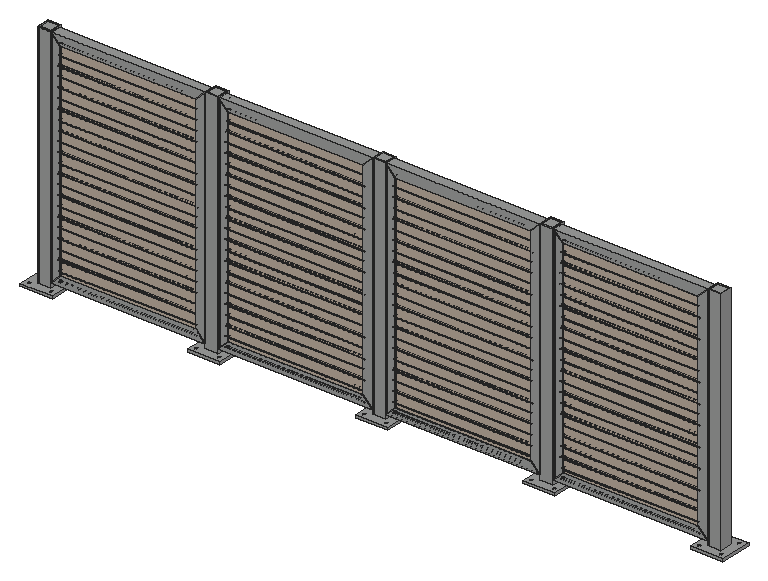
Revit family "Augustus-Vinyl-Array", category Specialty Equipment, Revit 2026
Family settings
  Round Connector Dimension = Use Diameter
  Part Type = Normal
  Classification Number = 23.55.00.00
  Enable Cutting in Views = No
  Cut with Voids When Loaded = No
  Maintain Annotation Orientation = No
  Shared = No
  Room Calculation Point = No
Parameters (values of type "Assembly")
  Warranty URL = "https://palmshieldlouvers.com/wp-content/uploads/2020/01/PalmSHIELD-Warranty-NO-SIGN-LINE.pdf"
  Version = "2020 - v1.0a"  # constant formula
  URL = "https://palmshieldlouvers.com/"
  Type Comments = ""
  Start Post [instance] = yes
  Product Page URL = "https://palmshieldlouvers.com/palmshield_resources/augustus-vinyl-solid-screening/"
  Product Documentation Link = "https://palmshieldlouvers.com/wp-content/uploads/2020/06/PS-SOLID-VINYL-compressed.pdf"
  Post Finish = Metal - PalmSHIELD - Dusty Grey
  Panel Width [instance] = if(Desired Panel Width > C Max Panel Width, C Max Panel Width, if(Desired Panel Width < C Min Panel Width, C Min Panel Width, Desired Panel Width))  # 4' - 0"
  Panel Height [instance] = if(Desired Panel Height > C Max Panel Height, C Max Panel Height, if(Desired Panel Height < C Min Panel Height, C Min Panel Height, Desired Panel Height))  # 6' - 0"
  Model = "Augustus - Vinyl"  # constant formula
  Manufacturer Phone Number = "531-329-4406 "  # constant formula
  Manufacturer Email = "mailto: info@palmshieldlouvers.com"
  Manufacturer Address = "12330 Cary Circle, La Vista, NE 68128"  # constant formula
  Manufacturer = "PalmSHIELD"  # constant formula
  Louver Finsh = Metal - PalmSHIELD - Grey Beige
  Keynote = "05 10 00"
  Instruction Sheet Link = "https://palmshieldlouvers.com/wp-content/uploads/2020/01/PalmSHIELD-Post-Panel-Gate-Installation-Instructions-REV-1.pdf"
  ID [instance] = "Not Assigned"
  Frame Finish = Metal - PalmSHIELD - Dusty Grey
  Filler Panel [instance] = yes
  End Post [instance] = yes
  Desired Panel Width [instance] = 4' - 0"
  Desired Panel Height [instance] = 6' - 0"
  Real Length [instance] = if([built-in parameter 1001306] < (C Post Width + C Min Panel Width), (C Post Width + C Min Panel Width), [built-in parameter 1001306])  # 17' - 4"
  Description = "Augustus - Vinyl - Panel Assembly"  # constant formula
  built-in parameter 1001306 [instance] = 17' - 4"
  Copyright = "Copyright ©2024 The American Fence Company and PalmSHIELD. All Rights Reserved."  # constant formula
  Component Name [instance] = "Augustus - Vinyl - Panel Assembly"  # constant formula
  C Single Post [instance] = if(C Condition Double, 1 = 1, if(and(End Post, C Condition Single), 1 = 1, 1 = 0))  # no
  C Single Panel [instance] = or(C Condition Double, C Condition Single)  # no
  C Post Width [instance] = 0' - 4"  # constant formula
  C Multiple Post [instance] = (C Condition Multiple)  # yes
  C Multiple Panels [instance] = (C Condition Multiple)  # yes
  C Min Panel Width [instance] = 4' - 0"  # constant formula
  C Min Panel Height [instance] = C Min Panel Width  # 4' - 0"
  C Max Panel Width [instance] = 6' - 0"  # constant formula
  C Max Panel Height [instance] = 8' - 0"  # constant formula
  C Filler Post [instance] = and(not(C Condition Single), Filler Panel, End Post, or(C Filler Panel Width = C Min Panel Width, C Filler Panel Width > C Min Panel Width))  # yes
  C Filler Panel Width Calculated [instance] = Real Length - C Calculated Total Length - Panel Width - C Post Width  # 4' - 0"
  C Filler Panel Width [instance] = if(C Filler Panel Width Calculated < C Min Panel Width, C Min Panel Width, if(C Filler Panel Width Calculated > C Max Panel Width, C Max Panel Width, C Filler Panel Width Calculated))  # 4' - 0"
  C Filler Panel [instance] = and(not(C Condition Single), Filler Panel, or(C Filler Panel Width = C Min Panel Width, C Filler Panel Width > C Min Panel Width))  # yes
  C Condition Single [instance] = C Array Count < 1  # no
  C Condition Multiple [instance] = C Array Count > 1  # yes
  C Condition Double [instance] = C Array Count = 1  # no
  C Complete Post [instance] = and(not(C Condition Single), not(Filler Panel), End Post)  # no
  C Complete Panel [instance] = and(not(C Condition Single), not(Filler Panel))  # no
  C Calculated Total Length [instance] = if(C Array Count < 1, 0' 0", if(C Array Count = 1, C Post Width, Panel Width * (C Array Safe - 1) + C Post Width * (C Array Safe)))  # 9' - 0"
  C Calculated Filler Panel Length [instance] = if(C Array Count < 1, 0' 0", if(or(C Array Count = 2, C Array Count = 1), C Post Width, if(Filler Panel, (C Calculated Total Length - C Post Width - C Filler Panel Width), (C Calculated Total Length - C Post Width - Panel Width))))  # 4' - 8"
  C Array Safe [instance] = if(C Array Count < 2, 2, C Array Count)  # 3
  C Array Count [instance] = if(Filler Panel, roundup(((Real Length - C Min Panel Width) / (Panel Width + C Post Width)) - 1), roundup(((Real Length - (Panel Width)) / (Panel Width + C Post Width)) - 1))  # 3
  Assembly Code = "F1020100"
Reference planes (in)
  plane 1 "Center (Front/Back)": y = 0
  plane 2: z = 0
  plane 3 "Left": x = 0
  plane 4 "Right": x = 208
  plane 5 "Top": z = 72
  plane 6: x = 48
  plane 7: x = 52
  plane 8: x = 100
  plane 9: x = 104
  plane 10: x = -4
  plane 11: x = 156
  plane 12: x = 52
  plane 13: x = 204
  plane 14: x = 204
  plane 15: x = -2
  plane 16: x = 208
  plane 17: x = 206
  plane 18: x = 206
  plane 19: x = 208
  plane 20: x = 50
  plane 21: x = 102
  plane 22: y = -2
  plane 23: y = 2
Lines and regions (in)
  reference lines
    curve 1: line (0, 0, 0) -> (208, 0, 0)
Dimensions and locks (in)
  "built-in parameter 1001306": plane 3 "Left" to plane 4 "Right"
  "Panel Width": plane 6 to plane 3 "Left"
  "C Post Width": plane 7 to plane 6
  "Panel Width": plane 8 to plane 7
  "C Post Width": plane 9 to plane 8
  "C Post Width": plane 3 "Left" to plane 10
  "C Calculated Filler Panel Length": plane 12 to plane 10
  "C Filler Panel Width": plane 13 to plane 11
  "Panel Width": plane 14 to plane 11
  "C Calculated Total Length": plane 11 to plane 6
  equal spacing: plane 10, plane 15, plane 3 "Left"
  equal spacing: plane 16, plane 17, plane 13
  "C Post Width": plane 16 to plane 13
  equal spacing: plane 19, plane 18, plane 14
  "C Post Width": plane 19 to plane 14
  equal spacing: plane 9, plane 21, plane 8
  equal spacing: plane 7, plane 20, plane 6
  equal spacing: plane 22, plane 1 "Center (Front/Back)", plane 23
  "C Post Width": plane 22 to plane 23
  equal spacing: group 1, group 2, group 3  (x3)
  "Panel Height": plane 5 "Top" to level
  equal spacing: group 4, group 5, group 6  (x3)
  aligned and locked: plane 4 "Right" to curve 1
  aligned and locked: plane 1 "Center (Front/Back)" to curve 1
  aligned and locked: plane 3 "Left" to curve 1
  aligned and locked: level to plane 2
  aligned and locked: plane 15 to nested 1
  aligned and locked: nested 1 to plane 1 "Center (Front/Back)"
  aligned and locked: plane 3 "Left" to nested 2
  aligned and locked: nested 3 to plane 13
  aligned and locked: nested 4 to plane 14
  aligned and locked: plane 1 "Center (Front/Back)" to nested 6
  aligned and locked: plane 1 "Center (Front/Back)" to nested 5
  aligned and locked: plane 1 "Center (Front/Back)" to nested 8
  aligned and locked: plane 1 "Center (Front/Back)" to nested 9
  aligned and locked: plane 17 to nested 6
  aligned and locked: plane 18 to nested 5
  aligned and locked: plane 20 to nested 8
  aligned and locked: plane 3 "Left" to nested 7
  aligned and locked: plane 22 to nested 7
  aligned and locked: plane 22 to nested 4
  aligned and locked: plane 22 to nested 3
  aligned and locked: plane 22 to nested 2
  aligned and locked: plane 20 to nested 9
  aligned and locked: plane 21 to nested 10
  aligned and locked: plane 1 "Center (Front/Back)" to nested 10
  aligned and locked: plane 22 to nested 61
  aligned and locked: plane 7 to nested 61
Nested families (in)
  nested 1: "Nested-Screening-Louver-Assembly-Post-Palmshield-Augustus-Composite" at (-2, 0, 0), Desired Overall Height <- "Panel Height", visible <- "Start Post", Component Vis <- "Start Post", ID <- "ID", type "Assembly"
    with ID "Not Assigned", Height 6' - 0", Desired Overall Height 6' - 0", Component Vis yes, Component Name "Augustus - Composite - Square Post", C Min Height 3' - 4", C Max Height 8' - 0"
  nested 2: "Nested-Screening-Louver-Assembly-Panel-Palmshield-Augustus-Vinyl" at (0, -2, 0), Desired Overall Height <- "Panel Height", Desired Overall Width <- "Panel Width", visible <- "C Single Panel", Component Vis <- "C Single Panel", ID <- "ID", type "Assembly"
    with Width 4' - 0", ID "Not Assigned", Height 6' - 0", Desired Overall Width 4' - 0", Desired Overall Height 6' - 0", Desired Bottom Angle 0.00°, Component Vis no, Component Name "Augustus - Vinyl - Panel Assembly", C Min Width 4' - 0", C Min Height 4' - 0", C Max Width 6' - 0", C Max Height 8' - 0", C Angle 0.00°
  nested 3: "Nested-Screening-Louver-Assembly-Panel-Palmshield-Augustus-Vinyl" at (156, -2, 0), Desired Overall Height <- "Panel Height", Desired Overall Width <- "C Filler Panel Width", visible <- "C Filler Panel", Component Vis <- "C Filler Panel", ID <- "ID", type "Assembly"
    with Width 4' - 0", ID "Not Assigned", Height 6' - 0", Desired Overall Width 4' - 0", Desired Overall Height 6' - 0", Desired Bottom Angle 0.00°, Component Vis yes, Component Name "Augustus - Vinyl - Panel Assembly", C Min Width 4' - 0", C Min Height 4' - 0", C Max Width 6' - 0", C Max Height 8' - 0", C Angle 0.00°
  nested 4: "Nested-Screening-Louver-Assembly-Panel-Palmshield-Augustus-Vinyl" at (156, -2, 0), Desired Overall Height <- "Panel Height", Desired Overall Width <- "Panel Width", visible <- "C Complete Panel", Component Vis <- "C Complete Panel", ID <- "ID", type "Assembly"
    with Width 4' - 0", ID "Not Assigned", Height 6' - 0", Desired Overall Width 4' - 0", Desired Overall Height 6' - 0", Desired Bottom Angle 0.00°, Component Vis no, Component Name "Augustus - Vinyl - Panel Assembly", C Min Width 4' - 0", C Min Height 4' - 0", C Max Width 6' - 0", C Max Height 8' - 0", C Angle 0.00°
  nested 5: "Nested-Screening-Louver-Assembly-Post-Palmshield-Augustus-Composite" at (206, 0, 0), Desired Overall Height <- "Panel Height", visible <- "C Complete Post", Component Vis <- "C Complete Post", ID <- "ID", type "Assembly"
    with ID "Not Assigned", Height 6' - 0", Desired Overall Height 6' - 0", Component Vis no, Component Name "Augustus - Composite - Square Post", C Min Height 3' - 4", C Max Height 8' - 0"
  nested 6: "Nested-Screening-Louver-Assembly-Post-Palmshield-Augustus-Composite" at (206, 0, 0), Desired Overall Height <- "Panel Height", visible <- "C Filler Post", Component Vis <- "C Filler Post", ID <- "ID", type "Assembly"
    with ID "Not Assigned", Height 6' - 0", Desired Overall Height 6' - 0", Component Vis yes, Component Name "Augustus - Composite - Square Post", C Min Height 3' - 4", C Max Height 8' - 0"
  nested 7: "Nested-Screening-Louver-Assembly-Panel-Palmshield-Augustus-Vinyl" at (0, -2, 0), Desired Overall Height <- "Panel Height", Desired Overall Width <- "Panel Width", visible <- "C Multiple Panels", Component Vis <- "C Multiple Panels", ID <- "ID", type "Assembly"
    with Width 4' - 0", ID "Not Assigned", Height 6' - 0", Desired Overall Width 4' - 0", Desired Overall Height 6' - 0", Desired Bottom Angle 0.00°, Component Vis yes, Component Name "Augustus - Vinyl - Panel Assembly", C Min Width 4' - 0", C Min Height 4' - 0", C Max Width 6' - 0", C Max Height 8' - 0", C Angle 0.00°
  nested 8: "Nested-Screening-Louver-Assembly-Post-Palmshield-Augustus-Composite" at (50, 0, 0), Desired Overall Height <- "Panel Height", visible <- "C Multiple Post", Component Vis <- "C Multiple Post", ID <- "ID", type "Assembly"
    with ID "Not Assigned", Height 6' - 0", Desired Overall Height 6' - 0", Component Vis yes, Component Name "Augustus - Composite - Square Post", C Min Height 3' - 4", C Max Height 8' - 0"
  nested 9: "Nested-Screening-Louver-Assembly-Post-Palmshield-Augustus-Composite" at (50, 0, 0), Desired Overall Height <- "Panel Height", visible <- "C Single Post", Component Vis <- "C Single Post", ID <- "ID", type "Assembly"
    with ID "Not Assigned", Height 6' - 0", Desired Overall Height 6' - 0", Component Vis no, Component Name "Augustus - Composite - Square Post", C Min Height 3' - 4", C Max Height 8' - 0"
  nested 10: "Nested-Screening-Louver-Assembly-Post-Palmshield-Augustus-Composite" at (102, 0, 0), Desired Overall Height <- "Panel Height", visible <- "C Multiple Post", Component Vis <- "C Multiple Post", ID <- "ID", type "Assembly"
    with ID "Not Assigned", Height 6' - 0", Desired Overall Height 6' - 0", Component Vis yes, Component Name "Augustus - Composite - Square Post", C Min Height 3' - 4", C Max Height 8' - 0"
  nested 11: "(Do_Not_Use-Nested)-Base_Plate-Palmshield-Augustus" at (102, 0, 0), type "10" x 10" x 3/4""
    with Material Metal - PalmSHIELD - Dusty Grey, ID "Not Assigned", Component Name "Augustus - Aluminum - Base Plate"
  nested 12: "(Do_Not_Use-Nested)-Square_Post-Palmshield-Augustus" at (102, 0, 0.75), type "4" x 4" x 1/4""
    with Material Metal - PalmSHIELD - Dusty Grey, Length 5' - 11 1/4", ID "Not Assigned", Component Name "Augustus - Aluminum - Post"
  nested 13: "(Do_Not_Use-Nested)-Top_Cap-Palmshield-Augustus" at (102, 0, 72) x (1, 0, 0) z (0, 0, -1), type "4" x 4" x 1/4""
    with Material Metal - PalmSHIELD - Dusty Grey, ID "Not Assigned", Component Name "Augustus - Aluminum - Top Cap"
  nested 14: "(Do_Not_Use-Nested)-Base_Plate-Palmshield-Augustus" at (50, 0, 0), type "10" x 10" x 3/4""
    with Material Metal - PalmSHIELD - Dusty Grey, ID "Not Assigned", Component Name "Augustus - Aluminum - Base Plate"
  nested 15: "(Do_Not_Use-Nested)-Square_Post-Palmshield-Augustus" at (50, 0, 0.75), type "4" x 4" x 1/4""
    with Material Metal - PalmSHIELD - Dusty Grey, Length 5' - 11 1/4", ID "Not Assigned", Component Name "Augustus - Aluminum - Post"
  nested 16: "(Do_Not_Use-Nested)-Top_Cap-Palmshield-Augustus" at (50, 0, 72) x (1, 0, 0) z (0, 0, -1), type "4" x 4" x 1/4""
    with Material Metal - PalmSHIELD - Dusty Grey, ID "Not Assigned", Component Name "Augustus - Aluminum - Top Cap"
  nested 17: "(Do_Not_Use-Nested)-L_Frame-Palmshield-Augustus" at (0, -2, 72) x (0, 1, 0) z (1, 0, 0), type "ALUM L 3" X 3" X 1/4""
    with Material Metal - PalmSHIELD - Dusty Grey, Length 5' - 10", ID "Not Assigned", Component Name "Augustus - Aluminum - L Frame", B-Side Cut Angle 45.00°, A-Side Cut Angle 45.00°
  nested 18: "(Do_Not_Use-Nested)-L_Frame-Palmshield-Augustus" at (48, -2, 2) x (0, 1, 0) z (-1, 0, 0), type "ALUM L 3" X 3" X 1/4""
    with Material Metal - PalmSHIELD - Dusty Grey, Length 5' - 10", ID "Not Assigned", Component Name "Augustus - Aluminum - L Frame", B-Side Cut Angle 45.00°, A-Side Cut Angle 45.00°
  nested 19: "(Do_Not_Use-Nested)-L_Frame-Palmshield-Augustus" at (48, -2, 72) x (0, 1, 0) z (0, 0, -1), type "ALUM L 3" X 3" X 1/4""
    with Material Metal - PalmSHIELD - Dusty Grey, Length 4' - 0", ID "Not Assigned", Component Name "Augustus - Aluminum - L Frame", B-Side Cut Angle 45.00°, A-Side Cut Angle 45.00°
  nested 20: "(Do_Not_Use-Nested)-L_Frame-Palmshield-Augustus" at (0, -2, 2) x (0, 1, 0) z (0, 0, 1), type "ALUM L 3" X 3" X 1/4""
    with Material Metal - PalmSHIELD - Dusty Grey, Length 4' - 0", ID "Not Assigned", Component Name "Augustus - Aluminum - L Frame", B-Side Cut Angle 45.00°, A-Side Cut Angle 45.00°
  nested 21: "Nested-Screening-Louver-Assembly-Post-Palmshield-Augustus-Composite" at (154, 0, 0), Desired Overall Height <- "Panel Height", visible <- "C Multiple Post", Component Vis <- "C Multiple Post", ID <- "ID", type "Assembly"
    with ID "Not Assigned", Height 6' - 0", Desired Overall Height 6' - 0", Component Vis yes, Component Name "Augustus - Composite - Square Post", C Min Height 3' - 4", C Max Height 8' - 0"
  nested 22: "(Do_Not_Use-Nested)-Base_Plate-Palmshield-Augustus" at (154, 0, 0), type "10" x 10" x 3/4""
    with Material Metal - PalmSHIELD - Dusty Grey, ID "Not Assigned", Component Name "Augustus - Aluminum - Base Plate"
  nested 23: "(Do_Not_Use-Nested)-Square_Post-Palmshield-Augustus" at (154, 0, 0.75), type "4" x 4" x 1/4""
    with Material Metal - PalmSHIELD - Dusty Grey, Length 5' - 11 1/4", ID "Not Assigned", Component Name "Augustus - Aluminum - Post"
  nested 24: "(Do_Not_Use-Nested)-Top_Cap-Palmshield-Augustus" at (154, 0, 72) x (1, 0, 0) z (0, 0, -1), type "4" x 4" x 1/4""
    with Material Metal - PalmSHIELD - Dusty Grey, ID "Not Assigned", Component Name "Augustus - Aluminum - Top Cap"
  nested 25: "(Do_Not_Use-Nested)-Louvers-Palmshield-Augustus-Vinyl" at (2, -0.75, 15) x (0, -1, 0) z (1, 0, 0), type "6" TONGUE AND GROOVE INFILL SLATS"
    with Material Metal - PalmSHIELD - Grey Beige, Length 3' - 8", ID "Not Assigned", Component Name "Augustus - Vinyl - Infill Slat"
  nested 26: "(Do_Not_Use-Nested)-Louvers-Palmshield-Augustus-Vinyl" at (2, -0.75, 9) x (0, -1, 0) z (1, 0, 0), type "6" TONGUE AND GROOVE INFILL SLATS"
    with Material Metal - PalmSHIELD - Grey Beige, Length 3' - 8", ID "Not Assigned", Component Name "Augustus - Vinyl - Infill Slat"
  nested 27: "(Do_Not_Use-Nested)-Louvers-Palmshield-Augustus-Vinyl" at (2, -0.75, 21) x (0, -1, 0) z (1, 0, 0), type "6" TONGUE AND GROOVE INFILL SLATS"
    with Material Metal - PalmSHIELD - Grey Beige, Length 3' - 8", ID "Not Assigned", Component Name "Augustus - Vinyl - Infill Slat"
  nested 28: "(Do_Not_Use-Nested)-Louvers-Palmshield-Augustus-Vinyl" at (2, -0.75, 27) x (0, -1, 0) z (1, 0, 0), type "6" TONGUE AND GROOVE INFILL SLATS"
    with Material Metal - PalmSHIELD - Grey Beige, Length 3' - 8", ID "Not Assigned", Component Name "Augustus - Vinyl - Infill Slat"
  nested 29: "(Do_Not_Use-Nested)-Louvers-Palmshield-Augustus-Vinyl" at (2, -0.75, 33) x (0, -1, 0) z (1, 0, 0), type "6" TONGUE AND GROOVE INFILL SLATS"
    with Material Metal - PalmSHIELD - Grey Beige, Length 3' - 8", ID "Not Assigned", Component Name "Augustus - Vinyl - Infill Slat"
  nested 30: "(Do_Not_Use-Nested)-Louvers-Palmshield-Augustus-Vinyl" at (2, -0.75, 39) x (0, -1, 0) z (1, 0, 0), type "6" TONGUE AND GROOVE INFILL SLATS"
    with Material Metal - PalmSHIELD - Grey Beige, Length 3' - 8", ID "Not Assigned", Component Name "Augustus - Vinyl - Infill Slat"
  nested 31: "(Do_Not_Use-Nested)-Louvers-Palmshield-Augustus-Vinyl" at (2, -0.75, 45) x (0, -1, 0) z (1, 0, 0), type "6" TONGUE AND GROOVE INFILL SLATS"
    with Material Metal - PalmSHIELD - Grey Beige, Length 3' - 8", ID "Not Assigned", Component Name "Augustus - Vinyl - Infill Slat"
  nested 32: "(Do_Not_Use-Nested)-Louvers-Palmshield-Augustus-Vinyl" at (2, -0.75, 51) x (0, -1, 0) z (1, 0, 0), type "6" TONGUE AND GROOVE INFILL SLATS"
    with Material Metal - PalmSHIELD - Grey Beige, Length 3' - 8", ID "Not Assigned", Component Name "Augustus - Vinyl - Infill Slat"
  nested 33: "(Do_Not_Use-Nested)-Louvers-Palmshield-Augustus-Vinyl" at (2, -0.75, 57) x (0, -1, 0) z (1, 0, 0), type "6" TONGUE AND GROOVE INFILL SLATS"
    with Material Metal - PalmSHIELD - Grey Beige, Length 3' - 8", ID "Not Assigned", Component Name "Augustus - Vinyl - Infill Slat"
  nested 34: "(Do_Not_Use-Nested)-Louvers-Palmshield-Augustus-Vinyl" at (2, -0.75, 63) x (0, -1, 0) z (1, 0, 0), type "6" TONGUE AND GROOVE INFILL SLATS"
    with Material Metal - PalmSHIELD - Grey Beige, Length 3' - 8", ID "Not Assigned", Component Name "Augustus - Vinyl - Infill Slat"
  nested 35: "(Do_Not_Use-Nested)-Louvers-Palmshield-Augustus-Vinyl" at (2, -0.75, 69) x (0, -1, 0) z (1, 0, 0), type "6" TONGUE AND GROOVE INFILL SLATS"
    with Material Metal - PalmSHIELD - Grey Beige, Length 3' - 8", ID "Not Assigned", Component Name "Augustus - Vinyl - Infill Slat"
  nested 36: "(Do_Not_Use-Nested)-Flat_Bar_Infill Retainer-Augustus-Aluminum" at (46.75, -0.625, 2.25) x (-1, 0, 0) z (0, 0, 1), type "2" x 1/4""
    with Width 0' - 2", Thickness 0' - 0 1/4", Material Metal - PalmSHIELD - Dusty Grey, Length 5' - 9 1/2", ID "", Component Name "Augustus -Aluminum - Flat Bar Infill Retainer", C Angle B 0.00°, C Angle A 0.00°, A-Side Cut Angle 0.00°
  nested 37: "(Do_Not_Use-Nested)-Flat_Bar_Infill Retainer-Augustus-Aluminum" at (1.25, -0.625, 2.25), type "2" x 1/4""
    with Width 0' - 2", Thickness 0' - 0 1/4", Material Metal - PalmSHIELD - Dusty Grey, Length 5' - 9 1/2", ID "", Component Name "Augustus -Aluminum - Flat Bar Infill Retainer", C Angle B 0.00°, C Angle A 0.00°, A-Side Cut Angle 0.00°
  nested 38: "(Do_Not_Use-Nested)-Base_Plate-Palmshield-Augustus" at (-2, 0, 0), type "10" x 10" x 3/4""
    with Material Metal - PalmSHIELD - Dusty Grey, ID "Not Assigned", Component Name "Augustus - Aluminum - Base Plate"
  nested 39: "(Do_Not_Use-Nested)-Square_Post-Palmshield-Augustus" at (-2, 0, 0.75), type "4" x 4" x 1/4""
    with Material Metal - PalmSHIELD - Dusty Grey, Length 5' - 11 1/4", ID "Not Assigned", Component Name "Augustus - Aluminum - Post"
  nested 40: "(Do_Not_Use-Nested)-Top_Cap-Palmshield-Augustus" at (-2, 0, 72) x (1, 0, 0) z (0, 0, -1), type "4" x 4" x 1/4""
    with Material Metal - PalmSHIELD - Dusty Grey, ID "Not Assigned", Component Name "Augustus - Aluminum - Top Cap"
  nested 41: "(Do_Not_Use-Nested)-L_Frame-Palmshield-Augustus" at (156, -2, 72) x (0, 1, 0) z (1, 0, 0), type "ALUM L 3" X 3" X 1/4""
    with Material Metal - PalmSHIELD - Dusty Grey, Length 5' - 10", ID "Not Assigned", Component Name "Augustus - Aluminum - L Frame", B-Side Cut Angle 45.00°, A-Side Cut Angle 45.00°
  nested 42: "(Do_Not_Use-Nested)-L_Frame-Palmshield-Augustus" at (204, -2, 2) x (0, 1, 0) z (-1, 0, 0), type "ALUM L 3" X 3" X 1/4""
    with Material Metal - PalmSHIELD - Dusty Grey, Length 5' - 10", ID "Not Assigned", Component Name "Augustus - Aluminum - L Frame", B-Side Cut Angle 45.00°, A-Side Cut Angle 45.00°
  nested 43: "(Do_Not_Use-Nested)-L_Frame-Palmshield-Augustus" at (204, -2, 72) x (0, 1, 0) z (0, 0, -1), type "ALUM L 3" X 3" X 1/4""
    with Material Metal - PalmSHIELD - Dusty Grey, Length 4' - 0", ID "Not Assigned", Component Name "Augustus - Aluminum - L Frame", B-Side Cut Angle 45.00°, A-Side Cut Angle 45.00°
  nested 44: "(Do_Not_Use-Nested)-L_Frame-Palmshield-Augustus" at (156, -2, 2) x (0, 1, 0) z (0, 0, 1), type "ALUM L 3" X 3" X 1/4""
    with Material Metal - PalmSHIELD - Dusty Grey, Length 4' - 0", ID "Not Assigned", Component Name "Augustus - Aluminum - L Frame", B-Side Cut Angle 45.00°, A-Side Cut Angle 45.00°
  nested 45: "(Do_Not_Use-Nested)-Louvers-Palmshield-Augustus-Vinyl" at (158, -0.75, 15) x (0, -1, 0) z (1, 0, 0), type "6" TONGUE AND GROOVE INFILL SLATS"
    with Material Metal - PalmSHIELD - Grey Beige, Length 3' - 8", ID "Not Assigned", Component Name "Augustus - Vinyl - Infill Slat"
  nested 46: "(Do_Not_Use-Nested)-Louvers-Palmshield-Augustus-Vinyl" at (158, -0.75, 9) x (0, -1, 0) z (1, 0, 0), type "6" TONGUE AND GROOVE INFILL SLATS"
    with Material Metal - PalmSHIELD - Grey Beige, Length 3' - 8", ID "Not Assigned", Component Name "Augustus - Vinyl - Infill Slat"
  nested 47: "(Do_Not_Use-Nested)-Louvers-Palmshield-Augustus-Vinyl" at (158, -0.75, 21) x (0, -1, 0) z (1, 0, 0), type "6" TONGUE AND GROOVE INFILL SLATS"
    with Material Metal - PalmSHIELD - Grey Beige, Length 3' - 8", ID "Not Assigned", Component Name "Augustus - Vinyl - Infill Slat"
  nested 48: "(Do_Not_Use-Nested)-Louvers-Palmshield-Augustus-Vinyl" at (158, -0.75, 27) x (0, -1, 0) z (1, 0, 0), type "6" TONGUE AND GROOVE INFILL SLATS"
    with Material Metal - PalmSHIELD - Grey Beige, Length 3' - 8", ID "Not Assigned", Component Name "Augustus - Vinyl - Infill Slat"
  nested 49: "(Do_Not_Use-Nested)-Louvers-Palmshield-Augustus-Vinyl" at (158, -0.75, 33) x (0, -1, 0) z (1, 0, 0), type "6" TONGUE AND GROOVE INFILL SLATS"
    with Material Metal - PalmSHIELD - Grey Beige, Length 3' - 8", ID "Not Assigned", Component Name "Augustus - Vinyl - Infill Slat"
  nested 50: "(Do_Not_Use-Nested)-Louvers-Palmshield-Augustus-Vinyl" at (158, -0.75, 39) x (0, -1, 0) z (1, 0, 0), type "6" TONGUE AND GROOVE INFILL SLATS"
    with Material Metal - PalmSHIELD - Grey Beige, Length 3' - 8", ID "Not Assigned", Component Name "Augustus - Vinyl - Infill Slat"
  nested 51: "(Do_Not_Use-Nested)-Louvers-Palmshield-Augustus-Vinyl" at (158, -0.75, 45) x (0, -1, 0) z (1, 0, 0), type "6" TONGUE AND GROOVE INFILL SLATS"
    with Material Metal - PalmSHIELD - Grey Beige, Length 3' - 8", ID "Not Assigned", Component Name "Augustus - Vinyl - Infill Slat"
  nested 52: "(Do_Not_Use-Nested)-Louvers-Palmshield-Augustus-Vinyl" at (158, -0.75, 51) x (0, -1, 0) z (1, 0, 0), type "6" TONGUE AND GROOVE INFILL SLATS"
    with Material Metal - PalmSHIELD - Grey Beige, Length 3' - 8", ID "Not Assigned", Component Name "Augustus - Vinyl - Infill Slat"
  nested 53: "(Do_Not_Use-Nested)-Louvers-Palmshield-Augustus-Vinyl" at (158, -0.75, 57) x (0, -1, 0) z (1, 0, 0), type "6" TONGUE AND GROOVE INFILL SLATS"
    with Material Metal - PalmSHIELD - Grey Beige, Length 3' - 8", ID "Not Assigned", Component Name "Augustus - Vinyl - Infill Slat"
  nested 54: "(Do_Not_Use-Nested)-Louvers-Palmshield-Augustus-Vinyl" at (158, -0.75, 63) x (0, -1, 0) z (1, 0, 0), type "6" TONGUE AND GROOVE INFILL SLATS"
    with Material Metal - PalmSHIELD - Grey Beige, Length 3' - 8", ID "Not Assigned", Component Name "Augustus - Vinyl - Infill Slat"
  nested 55: "(Do_Not_Use-Nested)-Louvers-Palmshield-Augustus-Vinyl" at (158, -0.75, 69) x (0, -1, 0) z (1, 0, 0), type "6" TONGUE AND GROOVE INFILL SLATS"
    with Material Metal - PalmSHIELD - Grey Beige, Length 3' - 8", ID "Not Assigned", Component Name "Augustus - Vinyl - Infill Slat"
  nested 56: "(Do_Not_Use-Nested)-Flat_Bar_Infill Retainer-Augustus-Aluminum" at (202.75, -0.625, 2.25) x (-1, 0, 0) z (0, 0, 1), type "2" x 1/4""
    with Width 0' - 2", Thickness 0' - 0 1/4", Material Metal - PalmSHIELD - Dusty Grey, Length 5' - 9 1/2", ID "", Component Name "Augustus -Aluminum - Flat Bar Infill Retainer", C Angle B 0.00°, C Angle A 0.00°, A-Side Cut Angle 0.00°
  nested 57: "(Do_Not_Use-Nested)-Flat_Bar_Infill Retainer-Augustus-Aluminum" at (157.25, -0.625, 2.25), type "2" x 1/4""
    with Width 0' - 2", Thickness 0' - 0 1/4", Material Metal - PalmSHIELD - Dusty Grey, Length 5' - 9 1/2", ID "", Component Name "Augustus -Aluminum - Flat Bar Infill Retainer", C Angle B 0.00°, C Angle A 0.00°, A-Side Cut Angle 0.00°
  nested 58: "(Do_Not_Use-Nested)-Base_Plate-Palmshield-Augustus" at (206, 0, 0), type "10" x 10" x 3/4""
    with Material Metal - PalmSHIELD - Dusty Grey, ID "Not Assigned", Component Name "Augustus - Aluminum - Base Plate"
  nested 59: "(Do_Not_Use-Nested)-Square_Post-Palmshield-Augustus" at (206, 0, 0.75), type "4" x 4" x 1/4""
    with Material Metal - PalmSHIELD - Dusty Grey, Length 5' - 11 1/4", ID "Not Assigned", Component Name "Augustus - Aluminum - Post"
  nested 60: "(Do_Not_Use-Nested)-Top_Cap-Palmshield-Augustus" at (206, 0, 72) x (1, 0, 0) z (0, 0, -1), type "4" x 4" x 1/4""
    with Material Metal - PalmSHIELD - Dusty Grey, ID "Not Assigned", Component Name "Augustus - Aluminum - Top Cap"
  nested 61: "Nested-Screening-Louver-Assembly-Panel-Palmshield-Augustus-Vinyl" at (52, -2, 0), Desired Overall Height <- "Panel Height", Desired Overall Width <- "Panel Width", visible <- "C Multiple Panels", Component Vis <- "C Multiple Panels", ID <- "ID", type "Assembly"
    with Width 4' - 0", ID "Not Assigned", Height 6' - 0", Desired Overall Width 4' - 0", Desired Overall Height 6' - 0", Desired Bottom Angle 0.00°, Component Vis yes, Component Name "Augustus - Vinyl - Panel Assembly", C Min Width 4' - 0", C Min Height 4' - 0", C Max Width 6' - 0", C Max Height 8' - 0", C Angle 0.00°
  nested 62: "(Do_Not_Use-Nested)-L_Frame-Palmshield-Augustus" at (52, -2, 72) x (0, 1, 0) z (1, 0, 0), type "ALUM L 3" X 3" X 1/4""
    with Material Metal - PalmSHIELD - Dusty Grey, Length 5' - 10", ID "Not Assigned", Component Name "Augustus - Aluminum - L Frame", B-Side Cut Angle 45.00°, A-Side Cut Angle 45.00°
  nested 63: "(Do_Not_Use-Nested)-L_Frame-Palmshield-Augustus" at (100, -2, 2) x (0, 1, 0) z (-1, 0, 0), type "ALUM L 3" X 3" X 1/4""
    with Material Metal - PalmSHIELD - Dusty Grey, Length 5' - 10", ID "Not Assigned", Component Name "Augustus - Aluminum - L Frame", B-Side Cut Angle 45.00°, A-Side Cut Angle 45.00°
  nested 64: "(Do_Not_Use-Nested)-L_Frame-Palmshield-Augustus" at (100, -2, 72) x (0, 1, 0) z (0, 0, -1), type "ALUM L 3" X 3" X 1/4""
    with Material Metal - PalmSHIELD - Dusty Grey, Length 4' - 0", ID "Not Assigned", Component Name "Augustus - Aluminum - L Frame", B-Side Cut Angle 45.00°, A-Side Cut Angle 45.00°
  nested 65: "(Do_Not_Use-Nested)-L_Frame-Palmshield-Augustus" at (52, -2, 2) x (0, 1, 0) z (0, 0, 1), type "ALUM L 3" X 3" X 1/4""
    with Material Metal - PalmSHIELD - Dusty Grey, Length 4' - 0", ID "Not Assigned", Component Name "Augustus - Aluminum - L Frame", B-Side Cut Angle 45.00°, A-Side Cut Angle 45.00°
  nested 66: "(Do_Not_Use-Nested)-Louvers-Palmshield-Augustus-Vinyl" at (54, -0.75, 15) x (0, -1, 0) z (1, 0, 0), type "6" TONGUE AND GROOVE INFILL SLATS"
    with Material Metal - PalmSHIELD - Grey Beige, Length 3' - 8", ID "Not Assigned", Component Name "Augustus - Vinyl - Infill Slat"
  nested 67: "(Do_Not_Use-Nested)-Louvers-Palmshield-Augustus-Vinyl" at (54, -0.75, 9) x (0, -1, 0) z (1, 0, 0), type "6" TONGUE AND GROOVE INFILL SLATS"
    with Material Metal - PalmSHIELD - Grey Beige, Length 3' - 8", ID "Not Assigned", Component Name "Augustus - Vinyl - Infill Slat"
  nested 68: "(Do_Not_Use-Nested)-Louvers-Palmshield-Augustus-Vinyl" at (54, -0.75, 21) x (0, -1, 0) z (1, 0, 0), type "6" TONGUE AND GROOVE INFILL SLATS"
    with Material Metal - PalmSHIELD - Grey Beige, Length 3' - 8", ID "Not Assigned", Component Name "Augustus - Vinyl - Infill Slat"
  nested 69: "(Do_Not_Use-Nested)-Louvers-Palmshield-Augustus-Vinyl" at (54, -0.75, 27) x (0, -1, 0) z (1, 0, 0), type "6" TONGUE AND GROOVE INFILL SLATS"
    with Material Metal - PalmSHIELD - Grey Beige, Length 3' - 8", ID "Not Assigned", Component Name "Augustus - Vinyl - Infill Slat"
  nested 70: "(Do_Not_Use-Nested)-Louvers-Palmshield-Augustus-Vinyl" at (54, -0.75, 33) x (0, -1, 0) z (1, 0, 0), type "6" TONGUE AND GROOVE INFILL SLATS"
    with Material Metal - PalmSHIELD - Grey Beige, Length 3' - 8", ID "Not Assigned", Component Name "Augustus - Vinyl - Infill Slat"
  nested 71: "(Do_Not_Use-Nested)-Louvers-Palmshield-Augustus-Vinyl" at (54, -0.75, 39) x (0, -1, 0) z (1, 0, 0), type "6" TONGUE AND GROOVE INFILL SLATS"
    with Material Metal - PalmSHIELD - Grey Beige, Length 3' - 8", ID "Not Assigned", Component Name "Augustus - Vinyl - Infill Slat"
  nested 72: "(Do_Not_Use-Nested)-Louvers-Palmshield-Augustus-Vinyl" at (54, -0.75, 45) x (0, -1, 0) z (1, 0, 0), type "6" TONGUE AND GROOVE INFILL SLATS"
    with Material Metal - PalmSHIELD - Grey Beige, Length 3' - 8", ID "Not Assigned", Component Name "Augustus - Vinyl - Infill Slat"
  nested 73: "(Do_Not_Use-Nested)-Louvers-Palmshield-Augustus-Vinyl" at (54, -0.75, 51) x (0, -1, 0) z (1, 0, 0), type "6" TONGUE AND GROOVE INFILL SLATS"
    with Material Metal - PalmSHIELD - Grey Beige, Length 3' - 8", ID "Not Assigned", Component Name "Augustus - Vinyl - Infill Slat"
  nested 74: "(Do_Not_Use-Nested)-Louvers-Palmshield-Augustus-Vinyl" at (54, -0.75, 57) x (0, -1, 0) z (1, 0, 0), type "6" TONGUE AND GROOVE INFILL SLATS"
    with Material Metal - PalmSHIELD - Grey Beige, Length 3' - 8", ID "Not Assigned", Component Name "Augustus - Vinyl - Infill Slat"
  nested 75: "(Do_Not_Use-Nested)-Louvers-Palmshield-Augustus-Vinyl" at (54, -0.75, 63) x (0, -1, 0) z (1, 0, 0), type "6" TONGUE AND GROOVE INFILL SLATS"
    with Material Metal - PalmSHIELD - Grey Beige, Length 3' - 8", ID "Not Assigned", Component Name "Augustus - Vinyl - Infill Slat"
  nested 76: "(Do_Not_Use-Nested)-Louvers-Palmshield-Augustus-Vinyl" at (54, -0.75, 69) x (0, -1, 0) z (1, 0, 0), type "6" TONGUE AND GROOVE INFILL SLATS"
    with Material Metal - PalmSHIELD - Grey Beige, Length 3' - 8", ID "Not Assigned", Component Name "Augustus - Vinyl - Infill Slat"
  nested 77: "(Do_Not_Use-Nested)-Flat_Bar_Infill Retainer-Augustus-Aluminum" at (98.75, -0.625, 2.25) x (-1, 0, 0) z (0, 0, 1), type "2" x 1/4""
    with Width 0' - 2", Thickness 0' - 0 1/4", Material Metal - PalmSHIELD - Dusty Grey, Length 5' - 9 1/2", ID "", Component Name "Augustus -Aluminum - Flat Bar Infill Retainer", C Angle B 0.00°, C Angle A 0.00°, A-Side Cut Angle 0.00°
  nested 78: "(Do_Not_Use-Nested)-Flat_Bar_Infill Retainer-Augustus-Aluminum" at (53.25, -0.625, 2.25), type "2" x 1/4""
    with Width 0' - 2", Thickness 0' - 0 1/4", Material Metal - PalmSHIELD - Dusty Grey, Length 5' - 9 1/2", ID "", Component Name "Augustus -Aluminum - Flat Bar Infill Retainer", C Angle B 0.00°, C Angle A 0.00°, A-Side Cut Angle 0.00°
  nested 79: "Nested-Screening-Louver-Assembly-Panel-Palmshield-Augustus-Vinyl" at (104, -2, 0), Desired Overall Height <- "Panel Height", Desired Overall Width <- "Panel Width", visible <- "C Multiple Panels", Component Vis <- "C Multiple Panels", ID <- "ID", type "Assembly"
    with Width 4' - 0", ID "Not Assigned", Height 6' - 0", Desired Overall Width 4' - 0", Desired Overall Height 6' - 0", Desired Bottom Angle 0.00°, Component Vis yes, Component Name "Augustus - Vinyl - Panel Assembly", C Min Width 4' - 0", C Min Height 4' - 0", C Max Width 6' - 0", C Max Height 8' - 0", C Angle 0.00°
  nested 80: "(Do_Not_Use-Nested)-L_Frame-Palmshield-Augustus" at (104, -2, 72) x (0, 1, 0) z (1, 0, 0), type "ALUM L 3" X 3" X 1/4""
    with Material Metal - PalmSHIELD - Dusty Grey, Length 5' - 10", ID "Not Assigned", Component Name "Augustus - Aluminum - L Frame", B-Side Cut Angle 45.00°, A-Side Cut Angle 45.00°
  nested 81: "(Do_Not_Use-Nested)-L_Frame-Palmshield-Augustus" at (152, -2, 2) x (0, 1, 0) z (-1, 0, 0), type "ALUM L 3" X 3" X 1/4""
    with Material Metal - PalmSHIELD - Dusty Grey, Length 5' - 10", ID "Not Assigned", Component Name "Augustus - Aluminum - L Frame", B-Side Cut Angle 45.00°, A-Side Cut Angle 45.00°
  nested 82: "(Do_Not_Use-Nested)-L_Frame-Palmshield-Augustus" at (152, -2, 72) x (0, 1, 0) z (0, 0, -1), type "ALUM L 3" X 3" X 1/4""
    with Material Metal - PalmSHIELD - Dusty Grey, Length 4' - 0", ID "Not Assigned", Component Name "Augustus - Aluminum - L Frame", B-Side Cut Angle 45.00°, A-Side Cut Angle 45.00°
  nested 83: "(Do_Not_Use-Nested)-L_Frame-Palmshield-Augustus" at (104, -2, 2) x (0, 1, 0) z (0, 0, 1), type "ALUM L 3" X 3" X 1/4""
    with Material Metal - PalmSHIELD - Dusty Grey, Length 4' - 0", ID "Not Assigned", Component Name "Augustus - Aluminum - L Frame", B-Side Cut Angle 45.00°, A-Side Cut Angle 45.00°
  nested 84: "(Do_Not_Use-Nested)-Louvers-Palmshield-Augustus-Vinyl" at (106, -0.75, 15) x (0, -1, 0) z (1, 0, 0), type "6" TONGUE AND GROOVE INFILL SLATS"
    with Material Metal - PalmSHIELD - Grey Beige, Length 3' - 8", ID "Not Assigned", Component Name "Augustus - Vinyl - Infill Slat"
  nested 85: "(Do_Not_Use-Nested)-Louvers-Palmshield-Augustus-Vinyl" at (106, -0.75, 9) x (0, -1, 0) z (1, 0, 0), type "6" TONGUE AND GROOVE INFILL SLATS"
    with Material Metal - PalmSHIELD - Grey Beige, Length 3' - 8", ID "Not Assigned", Component Name "Augustus - Vinyl - Infill Slat"
  nested 86: "(Do_Not_Use-Nested)-Louvers-Palmshield-Augustus-Vinyl" at (106, -0.75, 21) x (0, -1, 0) z (1, 0, 0), type "6" TONGUE AND GROOVE INFILL SLATS"
    with Material Metal - PalmSHIELD - Grey Beige, Length 3' - 8", ID "Not Assigned", Component Name "Augustus - Vinyl - Infill Slat"
  nested 87: "(Do_Not_Use-Nested)-Louvers-Palmshield-Augustus-Vinyl" at (106, -0.75, 27) x (0, -1, 0) z (1, 0, 0), type "6" TONGUE AND GROOVE INFILL SLATS"
    with Material Metal - PalmSHIELD - Grey Beige, Length 3' - 8", ID "Not Assigned", Component Name "Augustus - Vinyl - Infill Slat"
  nested 88: "(Do_Not_Use-Nested)-Louvers-Palmshield-Augustus-Vinyl" at (106, -0.75, 33) x (0, -1, 0) z (1, 0, 0), type "6" TONGUE AND GROOVE INFILL SLATS"
    with Material Metal - PalmSHIELD - Grey Beige, Length 3' - 8", ID "Not Assigned", Component Name "Augustus - Vinyl - Infill Slat"
  nested 89: "(Do_Not_Use-Nested)-Louvers-Palmshield-Augustus-Vinyl" at (106, -0.75, 39) x (0, -1, 0) z (1, 0, 0), type "6" TONGUE AND GROOVE INFILL SLATS"
    with Material Metal - PalmSHIELD - Grey Beige, Length 3' - 8", ID "Not Assigned", Component Name "Augustus - Vinyl - Infill Slat"
  nested 90: "(Do_Not_Use-Nested)-Louvers-Palmshield-Augustus-Vinyl" at (106, -0.75, 45) x (0, -1, 0) z (1, 0, 0), type "6" TONGUE AND GROOVE INFILL SLATS"
    with Material Metal - PalmSHIELD - Grey Beige, Length 3' - 8", ID "Not Assigned", Component Name "Augustus - Vinyl - Infill Slat"
  nested 91: "(Do_Not_Use-Nested)-Louvers-Palmshield-Augustus-Vinyl" at (106, -0.75, 51) x (0, -1, 0) z (1, 0, 0), type "6" TONGUE AND GROOVE INFILL SLATS"
    with Material Metal - PalmSHIELD - Grey Beige, Length 3' - 8", ID "Not Assigned", Component Name "Augustus - Vinyl - Infill Slat"
  nested 92: "(Do_Not_Use-Nested)-Louvers-Palmshield-Augustus-Vinyl" at (106, -0.75, 57) x (0, -1, 0) z (1, 0, 0), type "6" TONGUE AND GROOVE INFILL SLATS"
    with Material Metal - PalmSHIELD - Grey Beige, Length 3' - 8", ID "Not Assigned", Component Name "Augustus - Vinyl - Infill Slat"
  nested 93: "(Do_Not_Use-Nested)-Louvers-Palmshield-Augustus-Vinyl" at (106, -0.75, 63) x (0, -1, 0) z (1, 0, 0), type "6" TONGUE AND GROOVE INFILL SLATS"
    with Material Metal - PalmSHIELD - Grey Beige, Length 3' - 8", ID "Not Assigned", Component Name "Augustus - Vinyl - Infill Slat"
  nested 94: "(Do_Not_Use-Nested)-Louvers-Palmshield-Augustus-Vinyl" at (106, -0.75, 69) x (0, -1, 0) z (1, 0, 0), type "6" TONGUE AND GROOVE INFILL SLATS"
    with Material Metal - PalmSHIELD - Grey Beige, Length 3' - 8", ID "Not Assigned", Component Name "Augustus - Vinyl - Infill Slat"
  nested 95: "(Do_Not_Use-Nested)-Flat_Bar_Infill Retainer-Augustus-Aluminum" at (150.75, -0.625, 2.25) x (-1, 0, 0) z (0, 0, 1), type "2" x 1/4""
    with Width 0' - 2", Thickness 0' - 0 1/4", Material Metal - PalmSHIELD - Dusty Grey, Length 5' - 9 1/2", ID "", Component Name "Augustus -Aluminum - Flat Bar Infill Retainer", C Angle B 0.00°, C Angle A 0.00°, A-Side Cut Angle 0.00°
  nested 96: "(Do_Not_Use-Nested)-Flat_Bar_Infill Retainer-Augustus-Aluminum" at (105.25, -0.625, 2.25), type "2" x 1/4""
    with Width 0' - 2", Thickness 0' - 0 1/4", Material Metal - PalmSHIELD - Dusty Grey, Length 5' - 9 1/2", ID "", Component Name "Augustus -Aluminum - Flat Bar Infill Retainer", C Angle B 0.00°, C Angle A 0.00°, A-Side Cut Angle 0.00°
Definition of nested family "(Do_Not_Use-Nested)-Base_Plate-Palmshield-Augustus"
  Parameters (values of type "10" x 10" x 3/4"")
    Width = 0' - 10"  # constant formula
    Warranty URL = "https://palmshieldlouvers.com/wp-content/uploads/2020/01/PalmSHIELD-Warranty-NO-SIGN-LINE.pdf"
    Version = "2020 - v1.0a"  # constant formula
    URL = "https://palmshieldlouvers.com/"
    Thickness = 0' - 0 3/4"  # constant formula
    Product Page URL = "Contact Manufacturer for More Information"
    Product Documentation Link = "Contact Manufacturer for More Information"
    Model = "Augustus"  # constant formula
    Material [instance] = none
    Manufacturer Phone Number = "531-329-4406 "  # constant formula
    Manufacturer Fax Number = "Consult Manufacturer Website for More Information"  # constant formula
    Manufacturer Email = "mailto: info@palmshieldlouvers.com"
    Manufacturer Address = "12330 Cary Circle, La Vista, NE 68128"  # constant formula
    Manufacturer = "PalmSHIELD"  # constant formula
    Keynote = "05 10 00"
    ID [instance] = ""
    Hole Diameter = 0' - 0 3/4"  # constant formula
    Description = "Augustus - Aluminum - Base Plate"  # constant formula
    Default Elevation = 4' - 0"
    Copyright = "©2023 The American Fence Company and PalmSHIELD. All Rights Reserved."  # constant formula
    Component Name [instance] = "Augustus - Aluminum - Base Plate"  # constant formula
    C Hole Offset = 0' - 1 1/2"  # constant formula
    Assembly Code = "F1020100"
  Reference planes (in)
    plane 1 "Center (Front/Back)": y = 0
    plane 2: z = 0
    plane 3 "Center (Left/Right)": x = 0
    plane 4: y = 5
    plane 5: x = 5
    plane 6: y = -5
    plane 7: x = -5
    plane 8: z = 0.75
  Forms (in)
    Extrusion 1, solid
      sketch origin (0, 0, 0) x (1, 0, 0) y (0, 1, 0)
        loop
          line (-48, 48) -> (-48, -48) -> (48, -48) -> (48, 48) -> (-48, 48)
      from 0 to -12
    Extrusion 2, solid, material <- "Material"
      sketch origin (0, 0, 0) x (1, 0, 0) y (0, 1, 0)
        loop
          line (-5, 5) -> (-5, -5) -> (5, -5) -> (5, 5) -> (-5, 5)
        loop
          circle (-3.5, 3.5) r 0.375
        loop
          circle (3.5, 3.5) r 0.375
        loop
          circle (-3.5, -3.5) r 0.375
        loop
          circle (3.5, -3.5) r 0.375
      from 0 to 0.75
  Dimensions and locks (in)
    equal spacing: plane 7, plane 3 "Center (Left/Right)", plane 5
    equal spacing: plane 4, plane 1 "Center (Front/Back)", plane 6
    "Width": plane 7 to plane 5
    "Width": plane 4 to plane 6
    "C Hole Offset": plane 7 to Extrusion 2 sketch curve  (x2)
    "C Hole Offset": Extrusion 2 sketch curve to plane 5  (x2)
    "C Hole Offset": plane 4 to Extrusion 2 sketch curve  (x2)
    "C Hole Offset": plane 6 to Extrusion 2 sketch curve  (x2)
    "Thickness": plane 8 to plane 2
    "Hole Diameter": diameter of Extrusion 2 sketch curve  (x4)
    aligned and locked: plane 2 to Extrusion 1
    aligned and locked: level to Extrusion 1
    aligned and locked: Extrusion 2 sketch curve to plane 4
    aligned and locked: plane 7 to Extrusion 2 sketch curve
    aligned and locked: Extrusion 2 sketch curve to plane 6
    aligned and locked: Extrusion 2 sketch curve to plane 5
    aligned and locked: plane 8 to Extrusion 2
  Automatic sketch dimensions
    Extrusion 1 sketch curve to Extrusion 1 sketch curve = 8' - 0"  (x2)
Definition of nested family "(Do_Not_Use-Nested)-Square_Post-Palmshield-Augustus"
  Parameters (values of type "4" x 4" x 1/4"")
    Width = 0' - 4"  # constant formula
    Warranty URL = "https://palmshieldlouvers.com/wp-content/uploads/2020/01/PalmSHIELD-Warranty-NO-SIGN-LINE.pdf"
    Version = "2020 - v1.0a"  # constant formula
    URL = "https://palmshieldlouvers.com/"
    Thickness = 0' - 0 1/4"  # constant formula
    Product Page URL = "Contact Manufacturer for More Information"
    Product Documentation Link = "Contact Manufacturer for More Information"
    Model = "Augustus"  # constant formula
    Material [instance] = none
    Manufacturer Phone Number = "531-329-4406 "  # constant formula
    Manufacturer Fax Number = "Consult Manufacturer Website for More Information"  # constant formula
    Manufacturer Email = "mailto: info@palmshieldlouvers.com"
    Manufacturer Address = "12330 Cary Circle, La Vista, NE 68128"  # constant formula
    Manufacturer = "PalmSHIELD"  # constant formula
    Length [instance] = 4' - 4.86713"
    Keynote = "05 10 00"
    ID [instance] = ""
    Description = "Augustus - Aluminum - Post"  # constant formula
    Default Elevation = 4' - 0"
    Copyright = "©2023 The American Fence Company and PalmSHIELD. All Rights Reserved."  # constant formula
    Component Name [instance] = "Augustus - Aluminum - Post"  # constant formula
    Assembly Code = "F1020100"
  Reference planes (in)
    plane 1 "Center (Front/Back)": y = 0
    plane 2: z = 0
    plane 3 "Center (Left/Right)": x = 0
    plane 4: z = 52.86713
    plane 5: x = 2
    plane 6: x = -2
  Forms (in)
    Extrusion 1, solid
      sketch origin (0, 0, 0) x (1, 0, 0) y (0, 1, 0)
        loop
          line (-48, 48) -> (-48, -48) -> (48, -48) -> (48, 48) -> (-48, 48)
      from 0 to -12
    Sweep 2, solid, material <- "Material"
      path origin (0, 0, 0) x (0, 1, 0) y (0, 0, 1)
        loop
          line (0, 0) -> (0, 52.86713)
      profile "Profile-Palmshield-Square : 4" X 4" X 1/4" SQ. TUBE" origin (0, 0, 26.43357) x (0, -1, 0) y (1, 0, 0)
        loop
          line (1.75, 1.75) -> (-1.75, 1.75) -> (-1.75, -1.75) -> (1.75, -1.75) -> (1.75, 1.75)
        loop
          line (-2, -2) -> (2, -2) -> (2, 2) -> (-2, 2) -> (-2, -2)
  Dimensions and locks (in)
    "Length": plane 4 to plane 2
    equal spacing: plane 5, plane 3 "Center (Left/Right)", plane 6
    "Width": plane 5 to plane 6
    aligned and locked: plane 2 to Extrusion 1
    aligned and locked: level to Extrusion 1
    aligned and locked: plane 1 "Center (Front/Back)" to Sweep 2 sketch curve
    aligned and locked: plane 4 to Sweep 2 sketch curve
  Automatic sketch dimensions
    Extrusion 1 sketch curve to Extrusion 1 sketch curve = 8' - 0"  (x2)
    Sweep 2 sketch curve to level = 0' - 0"
Definition of nested family "(Do_Not_Use-Nested)-Top_Cap-Palmshield-Augustus"
  Parameters (values of type "4" x 4" x 1/4"")
    Width = 0' 4" - 2 * Thickness  # 0' - 3 1/2"
    Warranty URL = "https://palmshieldlouvers.com/wp-content/uploads/2020/01/PalmSHIELD-Warranty-NO-SIGN-LINE.pdf"
    Version = "2020 - v1.0a"  # constant formula
    URL = "https://palmshieldlouvers.com/"
    Thickness = 0' - 0 1/4"  # constant formula
    Product Page URL = "Contact Manufacturer for More Information"
    Product Documentation Link = "Contact Manufacturer for More Information"
    Model = "Augustus"  # constant formula
    Material [instance] = none
    Manufacturer Phone Number = "531-329-4406 "  # constant formula
    Manufacturer Fax Number = "Consult Manufacturer Website for More Information"  # constant formula
    Manufacturer Email = "mailto: info@palmshieldlouvers.com"
    Manufacturer Address = "12330 Cary Circle, La Vista, NE 68128"  # constant formula
    Manufacturer = "PalmSHIELD"  # constant formula
    Keynote = "05 10 00"
    ID [instance] = ""
    Description = "Augustus - Aluminum - Top Cap"  # constant formula
    Default Elevation = 4' - 0"
    Copyright = "©2023 The American Fence Company and PalmSHIELD. All Rights Reserved."  # constant formula
    Component Name [instance] = "Augustus - Aluminum - Top Cap"  # constant formula
    Assembly Code = "F1020100"
  Reference planes (in)
    plane 1 "Center (Front/Back)": y = 0
    plane 2: z = 0
    plane 3 "Center (Left/Right)": x = 0
    plane 4: y = 1.75
    plane 5: x = 1.75
    plane 6: y = -1.75
    plane 7: x = -1.75
    plane 8: z = 0.25
  Forms (in)
    Extrusion 1, solid
      sketch origin (0, 0, 0) x (1, 0, 0) y (0, 1, 0)
        loop
          line (-48, 48) -> (-48, -48) -> (48, -48) -> (48, 48) -> (-48, 48)
      from 0 to -12
    Extrusion 2, solid, material <- "Material"
      sketch origin (0, 0, 0) x (1, 0, 0) y (0, 1, 0)
        loop
          line (-1.75, 1.75) -> (-1.75, -1.75) -> (1.75, -1.75) -> (1.75, 1.75) -> (-1.75, 1.75)
      from 0 to 0.25
  Dimensions and locks (in)
    equal spacing: plane 7, plane 3 "Center (Left/Right)", plane 5
    equal spacing: plane 4, plane 1 "Center (Front/Back)", plane 6
    "Width": plane 7 to plane 5
    "Width": plane 4 to plane 6
    "Thickness": plane 8 to plane 2
    aligned and locked: plane 2 to Extrusion 1
    aligned and locked: level to Extrusion 1
    aligned and locked: Extrusion 2 sketch curve to plane 4
    aligned and locked: plane 7 to Extrusion 2 sketch curve
    aligned and locked: Extrusion 2 sketch curve to plane 6
    aligned and locked: Extrusion 2 sketch curve to plane 5
    aligned and locked: plane 8 to Extrusion 2
  Automatic sketch dimensions
    Extrusion 1 sketch curve to Extrusion 1 sketch curve = 8' - 0"  (x2)
Definition of nested family "(Do_Not_Use-Nested)-L_Frame-Palmshield-Augustus"
  Parameters (values of type "ALUM L 3" X 3" X 1/4"")
    Width = 0' - 3"  # constant formula
    Warranty URL = "https://palmshieldlouvers.com/wp-content/uploads/2020/01/PalmSHIELD-Warranty-NO-SIGN-LINE.pdf"
    Version = "2020 - v1.0a"  # constant formula
    URL = "https://palmshieldlouvers.com/"
    Thickness = 0' - 0 1/4"  # constant formula
    Product Page URL = "https://palmshieldlouvers.com/products/semi-private-screening/"
    Product Documentation Link = "Contact Manufacturer for More Information"
    Model = "Augustus"  # constant formula
    Material [instance] = none
    Manufacturer Phone Number = "531-329-4406 "  # constant formula
    Manufacturer Fax Number = "Consult Manufacturer Website for More Information"  # constant formula
    Manufacturer Email = "mailto: info@palmshieldlouvers.com"
    Manufacturer Address = "12330 Cary Circle, La Vista, NE 68128"  # constant formula
    Manufacturer = "PalmSHIELD"  # constant formula
    Length [instance] = 4' - 4.86713"
    Keynote = "05 10 00"
    Instruction Sheet Link = "Contact Manufacturer for More Information"
    ID [instance] = ""
    Description = "Augustus - L Frame"  # constant formula
    Default Elevation = 4' - 0"
    Copyright = "Copyright ©2024 The American Fence Company and PalmSHIELD. All Rights Reserved."  # constant formula
    Component Name [instance] = "Augustus - Aluminum - L Frame"  # constant formula
    C Hole Offset = 0' - 1 1/2"  # constant formula
    B-Side Cut Angle [instance] = 45.00°
    Assembly Code = "F1020100"
    A-Side Cut Angle [instance] = 45.00°
  Reference planes (in)
    plane 1 "Center (Front/Back)": y = 0
    plane 2: z = 0
    plane 3 "Center (Left/Right)": x = 0
    plane 4: x = 3
    plane 5: y = -52.86713
    plane 6: z = 3
  Forms (in)
    Extrusion 1, solid
      sketch origin (0, 0, 0) x (1, 0, 0) y (0, 1, 0)
        loop
          line (-48, 48) -> (-48, -48) -> (48, -48) -> (48, 48) -> (-48, 48)
      from 0 to -12
    Sweep 2, solid, material <- "Material"
      path origin (0, 0, 0) x (0, 1, 0) y (0, 0, 1)
        loop
          line (0, 0) -> (-52.86713, 0)
      profile "Profile-Palmshield-L : AL L3" X 3" X 1/4" - 6061-T6" origin (0, -26.43357, 0) x (0, 0, -1) y (1, 0, 0)
        loop
          line (-0.3125, 0.25) -> (-2.875, 0.25)
          arc (-2.875, 0.25) -> (-2.96339, 0.21339) -> (-3, 0.125) r 0.125
          line (-3, 0.125) -> (-3, 0) -> (0, 0) -> (0, 3) -> (-0.125, 3)
          arc (-0.125, 3) -> (-0.21339, 2.96339) -> (-0.25, 2.875) r 0.125
          line (-0.25, 2.875) -> (-0.25, 0.3125)
          arc (-0.25, 0.3125) -> (-0.26831, 0.26831) -> (-0.3125, 0.25) r 0.0625
    Extrusion 3, void
      sketch origin (0, 0, 0) x (0, 1, 0) y (0, 0, 1)
        loop
          line (-3, 3) -> (0, 0) -> (4.7449, 0) -> (4.7449, 3) -> (-3, 3)
        loop
          line (-57.61203, 3) -> (-57.61203, 0) -> (-52.86713, 0) -> (-49.86713, 3) -> (-57.61203, 3)
      from 0 to 3
  Cuts and joins
    Extrusion 3 cuts Sweep 2
  Dimensions and locks (in)
    "Width": plane 3 "Center (Left/Right)" to plane 4
    "Length": plane 1 "Center (Front/Back)" to plane 5
    "Width": plane 6 to plane 2
    locked: Extrusion 3 sketch curve to plane 1 "Center (Front/Back)" at 4.7449
    locked: plane 5 to Extrusion 3 sketch curve at 4.7449
    "B-Side Cut Angle": angle Extrusion 3 sketch curve to plane 1 "Center (Front/Back)"
    "A-Side Cut Angle": angle plane 5 to Extrusion 3 sketch curve
    aligned and locked: plane 2 to Extrusion 1
    aligned and locked: level to Extrusion 1
    aligned and locked: plane 1 "Center (Front/Back)" to Sweep 2 sketch curve
    aligned and locked: plane 5 to Sweep 2 sketch curve
    aligned and locked: Extrusion 3 sketch curve to plane 6
    aligned and locked: level to Extrusion 3 sketch curve
    aligned and locked: plane 6 to Extrusion 3 sketch curve
    aligned and locked: Extrusion 3 sketch curve to plane 2
    aligned and locked: plane 1 "Center (Front/Back)" to Extrusion 3 sketch curve
    aligned and locked: plane 2 to Extrusion 3 sketch curve
    aligned and locked: plane 5 to Extrusion 3 sketch curve
    aligned and locked: Extrusion 3 to plane 3 "Center (Left/Right)"
    aligned and locked: Extrusion 3 to plane 4
  Automatic sketch dimensions
    Extrusion 1 sketch curve to Extrusion 1 sketch curve = 8' - 0"  (x2)
    Sweep 2 sketch curve to level = 0' - 0"
Definition of nested family "(Do_Not_Use-Nested)-Louvers-Palmshield-Augustus-Vinyl"
  Parameters (values of type "6" TONGUE AND GROOVE INFILL SLATS")
    Width = 0' - 6"  # constant formula
    Warranty URL = "https://palmshieldlouvers.com/wp-content/uploads/2020/01/PalmSHIELD-Warranty-NO-SIGN-LINE.pdf"
    Version = "2020 - v1.0a"  # constant formula
    URL = "https://palmshieldlouvers.com/"
    Thickness = 0' - 1"  # constant formula
    Product Page URL = "https://palmshieldlouvers.com/products/semi-private-screening/"
    Product Documentation Link = "Contact Manufacturer for More Information"
    Model = "Augustus - Vinyl"  # constant formula
    Material [instance] = none
    Manufacturer Phone Number = "531-329-4406 "  # constant formula
    Manufacturer Fax Number = "Consult Manufacturer Website for More Information"  # constant formula
    Manufacturer Email = "mailto: info@palmshieldlouvers.com"
    Manufacturer Address = "12330 Cary Circle, La Vista, NE 68128"  # constant formula
    Manufacturer = "PalmSHIELD"  # constant formula
    Length [instance] = 4' - 4.86713"
    Keynote = "05 10 00"
    ID [instance] = ""
    Description = "Augustus - Vinyl - Infill Slat"  # constant formula
    Default Elevation = 4' - 0"
    Copyright = "©2023 The American Fence Company and PalmSHIELD. All Rights Reserved."  # constant formula
    Component Name [instance] = "Augustus - Vinyl - Infill Slat"  # constant formula
    Assembly Code = "F1020100"
  Reference planes (in)
    plane 1 "Center (Front/Back)": y = 0
    plane 2: z = 0
    plane 3 "Center (Left/Right)": x = 0
    plane 4: z = 52.86713
    plane 5: y = 6
  Forms (in)
    Extrusion 1, solid
      sketch origin (0, 0, 0) x (1, 0, 0) y (0, 1, 0)
        loop
          line (-48, 48) -> (-48, -48) -> (48, -48) -> (48, 48) -> (-48, 48)
      from 0 to -12
    Sweep 2, solid, material <- "Material"
      path origin (0, 0, 0) x (0, 1, 0) y (0, 0, 1)
        loop
          line (0, 0) -> (0, 52.86713)
      profile "Profile-Palmshield-Louver : 6" TONGUE AND GROOVE INFILL SLATS" origin (0, 0, 26.43357) x (0, -1, 0) y (1, 0, 0)
        loop
          line (-2.84911, 0.0625) -> (-0.125, 0.0625)
          arc (-0.125, 0.0625) -> (-0.08081, 0.08081) -> (-0.0625, 0.125) r 0.0625
          line (-0.0625, 0.125) -> (-0.0625, 0.875)
          arc (-0.0625, 0.875) -> (-0.08081, 0.91919) -> (-0.125, 0.9375) r 0.0625
          line (-0.125, 0.9375) -> (-2.84911, 0.9375) -> (-2.91161, 0.875)
          arc (-2.91161, 0.875) -> (-3, 0.83839) -> (-3.08839, 0.875) r 0.125
          line (-3.08839, 0.875) -> (-3.15089, 0.9375) -> (-5.875, 0.9375)
          arc (-5.875, 0.9375) -> (-5.91919, 0.91919) -> (-5.9375, 0.875) r 0.0625
          line (-5.9375, 0.875) -> (-5.9375, 0.6875) -> (-5.8125, 0.6875)
          arc (-5.8125, 0.6875) -> (-5.72411, 0.65089) -> (-5.6875, 0.5625) r 0.125
          line (-5.6875, 0.5625) -> (-5.6875, 0.4375)
          arc (-5.6875, 0.4375) -> (-5.72411, 0.34911) -> (-5.8125, 0.3125) r 0.125
          line (-5.8125, 0.3125) -> (-5.9375, 0.3125) -> (-5.9375, 0.125)
          arc (-5.9375, 0.125) -> (-5.91919, 0.08081) -> (-5.875, 0.0625) r 0.0625
          line (-5.875, 0.0625) -> (-3.15089, 0.0625) -> (-3.08839, 0.125)
          arc (-3.08839, 0.125) -> (-3, 0.16161) -> (-2.91161, 0.125) r 0.125
          line (-2.91161, 0.125) -> (-2.84911, 0.0625)
        loop
          line (0, 0.125) -> (0, 0.40625) -> (0.1875, 0.40625)
          arc (0.1875, 0.40625) -> (0.23169, 0.42456) -> (0.25, 0.46875) r 0.0625
          line (0.25, 0.46875) -> (0.25, 0.53125)
          arc (0.25, 0.53125) -> (0.23169, 0.57544) -> (0.1875, 0.59375) r 0.0625
          line (0.1875, 0.59375) -> (0, 0.59375) -> (0, 0.875)
          arc (0, 0.875) -> (-0.03661, 0.96339) -> (-0.125, 1) r 0.125
          line (-0.125, 1) -> (-2.84911, 1)
          arc (-2.84911, 1) -> (-2.87303, 0.99524) -> (-2.89331, 0.98169) r 0.0625
          line (-2.89331, 0.98169) -> (-2.95581, 0.91919)
          arc (-2.95581, 0.91919) -> (-3, 0.90089) -> (-3.04419, 0.91919) r 0.0625
          line (-3.04419, 0.91919) -> (-3.10669, 0.98169)
          arc (-3.10669, 0.98169) -> (-3.12697, 0.99524) -> (-3.15089, 1) r 0.0625
          line (-3.15089, 1) -> (-5.875, 1)
          arc (-5.875, 1) -> (-5.96339, 0.96339) -> (-6, 0.875) r 0.125
          line (-6, 0.875) -> (-6, 0.6875)
          arc (-6, 0.6875) -> (-5.98169, 0.64331) -> (-5.9375, 0.625) r 0.0625
          line (-5.9375, 0.625) -> (-5.8125, 0.625)
          arc (-5.8125, 0.625) -> (-5.76831, 0.60669) -> (-5.75, 0.5625) r 0.0625
          line (-5.75, 0.5625) -> (-5.75, 0.4375)
          arc (-5.75, 0.4375) -> (-5.76831, 0.39331) -> (-5.8125, 0.375) r 0.0625
          line (-5.8125, 0.375) -> (-5.9375, 0.375)
          arc (-5.9375, 0.375) -> (-5.98169, 0.35669) -> (-6, 0.3125) r 0.0625
          line (-6, 0.3125) -> (-6, 0.125)
          arc (-6, 0.125) -> (-5.96339, 0.03661) -> (-5.875, 0) r 0.125
          line (-5.875, 0) -> (-3.15089, 0)
          arc (-3.15089, 0) -> (-3.12697, 0.00476) -> (-3.10669, 0.01831) r 0.0625
          line (-3.10669, 0.01831) -> (-3.04419, 0.08081)
          arc (-3.04419, 0.08081) -> (-3, 0.09911) -> (-2.95581, 0.08081) r 0.0625
          line (-2.95581, 0.08081) -> (-2.89331, 0.01831)
          arc (-2.89331, 0.01831) -> (-2.87303, 0.00476) -> (-2.84911, 0) r 0.0625
          line (-2.84911, 0) -> (-0.125, 0)
          arc (-0.125, 0) -> (-0.03661, 0.03661) -> (0, 0.125) r 0.125
  Dimensions and locks (in)
    "Length": plane 4 to plane 2
    "Width": plane 5 to plane 1 "Center (Front/Back)"
    aligned and locked: plane 2 to Extrusion 1
    aligned and locked: level to Extrusion 1
    aligned and locked: plane 1 "Center (Front/Back)" to Sweep 2 sketch curve
    aligned and locked: plane 4 to Sweep 2 sketch curve
  Automatic sketch dimensions
    Extrusion 1 sketch curve to Extrusion 1 sketch curve = 8' - 0"  (x2)
    Sweep 2 sketch curve to level = 0' - 0"
Definition of nested family "(Do_Not_Use-Nested)-Flat_Bar_Infill Retainer-Augustus-Aluminum"
  Parameters (values of type "2" x 1/4"")
    Width [instance] = 0' - 2"  # constant formula
    Warranty URL = "https://palmshieldlouvers.com/wp-content/uploads/2020/01/PalmSHIELD-Warranty-NO-SIGN-LINE.pdf"
    Version = "2020 - v1.0a"  # constant formula
    URL = "https://palmshieldlouvers.com/"
    Thickness [instance] = 0' - 0 1/4"  # constant formula
    Product Page URL = "https://palmshieldlouvers.com/products/louvers/#atlas"
    Product Documentation Link = "Contact Manufacturer for More Information"
    Model = "Augustus - Aluminum"  # constant formula
    Material [instance] = none
    Manufacturer Phone Number = "531-329-4406 "  # constant formula
    Manufacturer Fax Number = "Consult Manufacturer Website for More Information"  # constant formula
    Manufacturer Email = "mailto: info@palmshieldlouvers.com"
    Manufacturer Address = "12330 Cary Circle, La Vista, NE 68128"  # constant formula
    Manufacturer = "PalmSHIELD"  # constant formula
    Length [instance] = 4' - 4.86713"
    Keynote = "05 10 00"
    Instruction Sheet Link = "Contact Manufacturer for More Information"
    ID [instance] = ""
    Description = "Augustus - Aluminum - Flat Bar Infill Retainer"  # constant formula
    Default Elevation = 4' - 0"
    Copyright = "Copyright ©2024 The American Fence Company and PalmSHIELD. All Rights Reserved."  # constant formula
    Component Name [instance] = "Augustus -Aluminum - Flat Bar Infill Retainer"  # constant formula
    C Angle B [instance] = if([A-Side Cut Angle] > 0.00°, [A-Side Cut Angle], 0.00°)  # 25.00°
    C Angle A [instance] = if([A-Side Cut Angle] < 0.00°, -[A-Side Cut Angle], 0.00°)  # 0.00°
    Assembly Code = "F1020100"
    A-Side Cut Angle [instance] = 25.00°
  Reference planes (in)
    plane 1 "Center (Front/Back)": y = 0
    plane 2: z = 0
    plane 3 "Center (Left/Right)": x = 0
    plane 4: z = 52.86713
    plane 5: x = 1
    plane 6: x = -1
  Forms (in)
    Extrusion 1, solid
      sketch origin (0, 0, 0) x (1, 0, 0) y (0, 1, 0)
        loop
          line (-48, 48) -> (-48, -48) -> (48, -48) -> (48, 48) -> (-48, 48)
      from 0 to -12
